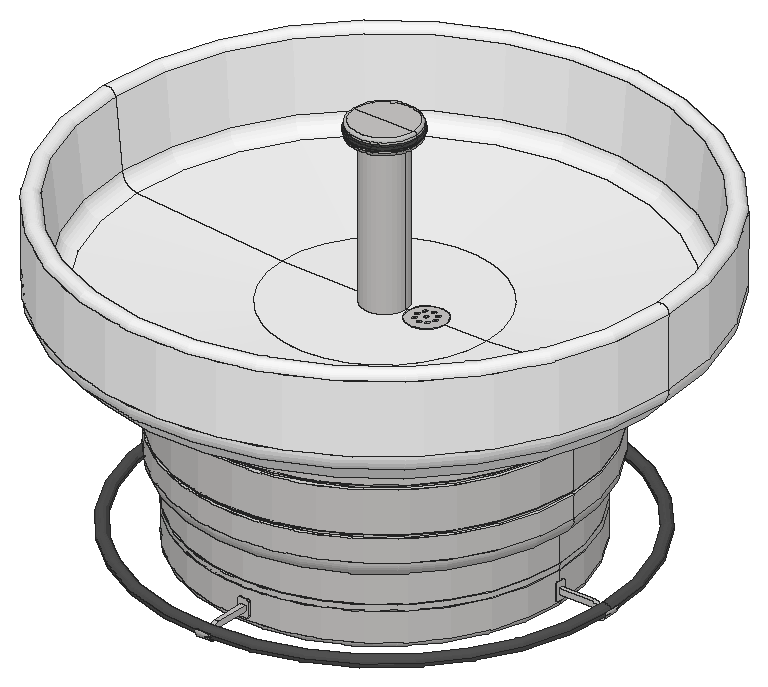
Revit family "Washfountain_Lavatory-Bradley_Corp-WF2608-Type_B_Drain", category Plumbing Fixtures, Revit 2012 (continued)
Lines and regions (in)
  symbolic lines, visible <- "Juvenile Height", detail levels fine
    curve 187: line (16.6163, 0, 7.8055) -> (-16.6163, 0, 7.8055)
    curve 188: line (16.6643, 0, 7.74185) -> (-16.6643, 0, 7.74185)
    curve 189: line (16.6643, 0, 7.24415) -> (-16.6643, 0, 7.24415)
    curve 190: line (16.6163, 0, 7.1805) -> (-16.6163, 0, 7.1805)
    curve 196: line (0, 16.66523, 7.74153) -> (0, -16.66523, 7.74153)
    curve 197: line (0, -16.61561, 7.8055) -> (0, 16.61699, 7.8055)
    curve 198: line (0, 16.66523, 7.24447) -> (0, -16.66523, 7.24447)
    curve 199: line (0, -16.61561, 7.1805) -> (0, 16.61699, 7.1805)
  symbolic lines, visible <- "Juvenile Height"
    curve 24: line (-16.6163, 0, 9.21405) -> (16.6163, 0, 9.21405)
    curve 52: line (0, 16.61699, 9.21405) -> (0, -16.61561, 9.21405)
  symbolic lines, visible <- "Standard Height", detail levels fine
    curve 25: line (-17.96214, 0, 14.62502) -> (17.96214, 0, 14.62502)
    curve 26: line (17.83714, 0, 14.50002) -> (-17.83714, 0, 14.50002)
    curve 27: line (-17.83714, 0, 14.37502) -> (17.83714, 0, 14.37502)
    curve 28: line (17.96214, 0, 14.25002) -> (-17.96214, 0, 14.25002)
    curve 30: line (-17.96214, 0, 10.43752) -> (17.96214, 0, 10.43752)
    curve 31: line (17.83714, 0, 10.31252) -> (-17.83714, 0, 10.31252)
    curve 32: line (-17.83714, 0, 10.18752) -> (17.83714, 0, 10.18752)
    curve 33: line (17.96214, 0, 10.06252) -> (-17.96214, 0, 10.06252)
    curve 36: line (-16.6163, 0, 3.8055) -> (16.6163, 0, 3.8055)
    curve 37: line (16.6643, 0, 3.74185) -> (-16.6643, 0, 3.74185)
    curve 39: line (-16.6163, 0, 3.1805) -> (16.6163, 0, 3.1805)
    curve 40: line (16.6643, 0, 3.24415) -> (-16.6643, 0, 3.24415)
    curve 53: line (0, 17.96307, 14.62502) -> (0, -17.96122, 14.62502)
    curve 54: line (0, -17.83622, 14.50002) -> (0, 17.83807, 14.50002)
    curve 55: line (0, 17.83807, 14.37502) -> (0, -17.83622, 14.37502)
    curve 56: line (0, -17.96122, 14.25002) -> (0, 17.96307, 14.25002)
    curve 57: line (0, 17.96307, 10.43752) -> (0, -17.96122, 10.43752)
    curve 58: line (0, -17.83622, 10.31252) -> (0, 17.83807, 10.31252)
    curve 59: line (0, 17.83807, 10.18752) -> (0, -17.83622, 10.18752)
    curve 60: line (0, -17.96122, 10.06252) -> (0, 17.96307, 10.06252)
    curve 62: line (0, 16.61723, 3.8055) -> (0, -16.61537, 3.8055)
    curve 63: line (0, 16.61723, 3.1805) -> (0, -16.61537, 3.1805)
    curve 64: line (0, -16.66337, 3.74185) -> (0, 16.66523, 3.74185)
    curve 66: line (0, -16.66337, 3.24415) -> (0, 16.66523, 3.24415)
  symbolic lines, visible <- "Standard Height", detail levels medium
    curve 29: line (-17.83714, 0, 14.43752) -> (17.83714, 0, 14.43752)
    curve 34: line (-17.83714, 0, 10.25002) -> (17.83714, 0, 10.25002)
    curve 38: line (-16.6643, 0, 3.493) -> (16.6643, 0, 3.493)
    curve 65: line (0, -16.66337, 3.493) -> (0, 16.66523, 3.493)
    curve 67: line (0, -17.83622, 10.25002) -> (0, 17.83807, 10.25002)
    curve 68: line (0, -17.83622, 14.43752) -> (0, 17.83807, 14.43752)
  symbolic lines, visible <- "Standard Height"
    curve 35: line (-16.6163, 0, 6.50796) -> (16.6163, 0, 6.50796)
    curve 61: line (0, 16.61723, 6.50796) -> (0, -16.61537, 6.50796)
  symbolic lines, detail levels coarse
    curve 41: line (0, 27, 20.75002) -> (0, -27, 20.75002)
  symbolic lines, visible <- "Soap Dispenser", detail levels medium+fine
    curve 69: line (-6.1566, 0, 43.125) -> (6.1566, 0, 43.125)
    curve 75: line (0, 6.1566, 43.125) -> (0, -6.1566, 43.125)
    curve 101: circle (0, 0, 44.125) r 4.17907 normal (0, 0, 1)
  symbolic lines, visible <- "Soap Dispenser", detail levels fine
    curve 70: line (-5.98301, 0, 42.48173) -> (5.98301, 0, 42.48173)
    curve 71: line (5.93039, 0, 41.23173) -> (-5.93039, 0, 41.23173)
    curve 72: line (-5.87777, 0, 39.98173) -> (5.87777, 0, 39.98173)
    curve 73: line (5.81, 0, 38.73173) -> (-5.81, 0, 38.73173)
    curve 74: line (-6.1566, 0, 43.75) -> (6.1566, 0, 43.75)
    curve 76: line (0, -5.98301, 42.48173) -> (0, 5.98301, 42.48173)
    curve 77: line (0, 5.93039, 41.23173) -> (0, -5.93039, 41.23173)
    curve 78: line (0, -5.87777, 39.98173) -> (0, 5.87777, 39.98173)
    curve 79: line (0, 5.81, 38.73173) -> (0, -5.81, 38.73173)
    curve 80: line (0, 6.1566, 43.75) -> (0, -6.1566, 43.75)
  symbolic lines, detail levels medium
    curve 81: line (-3.12875, 0, 35.18002) -> (-3.035, 0, 35.18002)
    curve 83: line (3.035, 0, 35.18002) -> (3.12875, 0, 35.18002)
    curve 84: line (3.12875, 0, 34.68002) -> (3.035, 0, 34.68002)
    curve 86: line (-3.035, 0, 34.68002) -> (-3.12875, 0, 34.68002)
    curve 88: line (0, 3.12875, 35.18002) -> (0, 3.035, 35.18002)
    curve 90: line (0, -3.035, 35.18002) -> (0, -3.12875, 35.18002)
    curve 91: line (0, -3.12875, 34.68002) -> (0, -3.035, 34.68002)
    curve 93: line (0, 3.035, 34.68002) -> (0, 3.12875, 34.68002)
  symbolic lines, detail levels medium+fine
    curve 82: line (-3.035, 0, 35.18002) -> (3.035, 0, 35.18002)
    curve 85: line (3.035, 0, 34.68002) -> (-3.035, 0, 34.68002)
    curve 89: line (0, 3.035, 35.18002) -> (0, -3.035, 35.18002)
    curve 92: line (0, -3.035, 34.68002) -> (0, 3.035, 34.68002)
    curve 103: circle (0, 0, 35.625) r 2 normal (0, 0, 1)
    curve 203: circle (4, 0, 29.25) r 1.25 normal (0, 0, 1)
    curve 204: circle (4, 0, 29.25) r 0.1842 normal (0, 0, 1)
    curve 205: circle (4, 0.87771, 29.25) r 0.1842 normal (0, 0, 1)
    curve 206: circle (4.62063, 0.62063, 29.25) r 0.1842 normal (0, 0, 1)
    curve 207: circle (4.87771, 0, 29.25) r 0.1842 normal (0, 0, 1)
    curve 208: circle (4.62063, -0.62063, 29.25) r 0.1842 normal (0, 0, 1)
    curve 209: circle (4, -0.87771, 29.25) r 0.1842 normal (0, 0, 1)
    curve 210: circle (3.37937, -0.62063, 29.25) r 0.1842 normal (0, 0, 1)
    curve 211: circle (3.12229, 0, 29.25) r 0.1842 normal (0, 0, 1)
    curve 212: circle (3.37937, 0.62063, 29.25) r 0.1842 normal (0, 0, 1)
    curve 214: circle (0, 0, 29.25) r 20.5 normal (0, 0, 1)
  symbolic lines
    curve 87: line (-2, 0, 34.23502) -> (2, 0, 34.23502)
    curve 94: line (0, 2, 34.23502) -> (0, -2, 34.23502)
    curve 202: circle (4, 0, 29.25) r 1.75 normal (0, 0, 1)
    curve 213: circle (0, 0, 29.25) r 25 normal (0, 0, 1)
  symbolic lines, visible <- "Sensor Module", detail levels fine
    curve 95: line (-4.49987, 0, 38.55959) -> (4.49987, 0, 38.55959)
    curve 98: line (0, 4.49987, 38.55959) -> (0, -4.49987, 38.55959)
  symbolic lines, visible <- "Sensor Module", detail levels medium
    curve 96: line (4.57537, 0, 37.11012) -> (-4.5755, 0, 37.11012)
    curve 99: line (0, -4.57537, 37.11012) -> (0, 4.57537, 37.11012)
  symbolic lines, visible <- "Sensor Module"
    curve 97: line (-2, 0, 36.28462) -> (2, 0, 36.28462)
    curve 100: line (0, 2, 36.285) -> (0, -2, 36.285)
  symbolic lines, visible <- "Sensor Module", detail levels medium+fine
    curve 102: circle (0, 0, 39.125) r 2.10282 normal (0, 0, 1)
  model lines, visible <- "Towel Dispenser", detail levels fine
    curve 107: spline (-9.02676, 1.1394, 53.87502) -> (-8.93305, 0.9771, 56.91615) -> (-8.65832, 0.50125, 59.75002) -> (-8.22128, -0.25572, 62.18353) -> (-7.65173, -1.24223, 64.05082) -> (-6.98846, -2.39103, 65.22465) -> (-6.2767, -3.62385, 65.62502) -> (-5.56493, -4.85667, 65.22465) -> (-4.90166, -6.00548, 64.05082) -> (-4.33211, -6.99198, 62.18353) -> (-3.89507, -7.74895, 59.75002) -> (-3.62034, -8.2248, 56.91615) -> (-3.52663, -8.3871, 53.87502)
    curve 108: spline (3.527, -8.3872, 53.87502) -> (3.6207, -8.22489, 56.91615) -> (3.89542, -7.74903, 59.75002) -> (4.33244, -6.99205, 62.18353) -> (4.90197, -6.00554, 64.05082) -> (5.56521, -4.85671, 65.22465) -> (6.27694, -3.62387, 65.62502) -> (6.98868, -2.39103, 65.22465) -> (7.65191, -1.24221, 64.05082) -> (8.22144, -0.2557, 62.18353) -> (8.65846, 0.50129, 59.75002) -> (8.93318, 0.97714, 56.91615) -> (9.02688, 1.13945, 53.87502)
    curve 154: spline (4.50547, -6.69233, 56.47659) -> (4.48576, -6.72648, 56.51066) -> (4.46739, -6.7583, 56.61056) -> (4.45161, -6.78563, 56.76948) -> (4.43951, -6.80659, 56.97659) -> (4.4319, -6.81977, 57.21777) -> (4.4293, -6.82427, 57.47659) -> (4.4319, -6.81977, 57.7354) -> (4.43951, -6.80659, 57.97659) -> (4.45161, -6.78563, 58.18369) -> (4.46739, -6.7583, 58.34261) -> (4.48576, -6.72648, 58.44251) -> (4.50547, -6.69233, 58.47659) -> (4.52519, -6.65819, 58.44251) -> (4.54356, -6.62637, 58.34261) -> (4.55933, -6.59904, 58.18369) -> (4.57144, -6.57807, 57.97659) -> (4.57905, -6.56489, 57.7354) -> (4.58164, -6.5604, 57.47659) -> (4.57905, -6.56489, 57.21777) -> (4.57144, -6.57807, 56.97659) -> (4.55933, -6.59904, 56.76948) -> (4.54356, -6.62637, 56.61056) -> (4.52519, -6.65819, 56.51066) -> (4.50547, -6.69233, 56.47659)
    curve 155: spline (3.54323, 7.20696, 56.47659) -> (3.58266, 7.20696, 56.51066) -> (3.6194, 7.20696, 56.61056) -> (3.65095, 7.20696, 56.76948) -> (3.67516, 7.20696, 56.97659) -> (3.69038, 7.20696, 57.21777) -> (3.69557, 7.20696, 57.47659) -> (3.69038, 7.20696, 57.7354) -> (3.67516, 7.20696, 57.97659) -> (3.65095, 7.20696, 58.18369) -> (3.6194, 7.20696, 58.34261) -> (3.58266, 7.20696, 58.44251) -> (3.54323, 7.20696, 58.47659) -> (3.5038, 7.20696, 58.44251) -> (3.46706, 7.20696, 58.34261) -> (3.4355, 7.20696, 58.18369) -> (3.41129, 7.20696, 57.97659) -> (3.39607, 7.20696, 57.7354) -> (3.39088, 7.20696, 57.47659) -> (3.39607, 7.20696, 57.21777) -> (3.41129, 7.20696, 56.97659) -> (3.4355, 7.20696, 56.76948) -> (3.46706, 7.20696, 56.61056) -> (3.5038, 7.20696, 56.51066) -> (3.54323, 7.20696, 56.47659)
    curve 156: spline (-8.04824, -0.55544, 56.47659) -> (-8.06796, -0.52129, 56.51066) -> (-8.08633, -0.48947, 56.61056) -> (-8.10211, -0.46215, 56.76948) -> (-8.11421, -0.44118, 56.97659) -> (-8.12182, -0.428, 57.21777) -> (-8.12442, -0.42351, 57.47659) -> (-8.12182, -0.428, 57.7354) -> (-8.11421, -0.44118, 57.97659) -> (-8.10211, -0.46215, 58.18369) -> (-8.08633, -0.48947, 58.34261) -> (-8.06796, -0.52129, 58.44251) -> (-8.04824, -0.55544, 58.47659) -> (-8.02853, -0.58959, 58.44251) -> (-8.01016, -0.62141, 58.34261) -> (-7.99438, -0.64873, 58.18369) -> (-7.98228, -0.6697, 57.97659) -> (-7.97467, -0.68288, 57.7354) -> (-7.97207, -0.68737, 57.47659) -> (-7.97467, -0.68288, 57.21777) -> (-7.98228, -0.6697, 56.97659) -> (-7.99438, -0.64873, 56.76948) -> (-8.01016, -0.62141, 56.61056) -> (-8.02853, -0.58959, 56.51066) -> (-8.04824, -0.55544, 56.47659)
    curve 157: spline (5.50026, 7.20696, 53.87502) -> (5.31285, 7.20696, 56.91615) -> (4.76338, 7.20696, 59.75002) -> (3.88931, 7.20696, 62.18353) -> (2.75019, 7.20696, 64.05082) -> (1.42367, 7.20696, 65.22465) -> (0.00013, 7.20696, 65.62502) -> (-1.42341, 7.20696, 65.22465) -> (-2.74994, 7.20696, 64.05082) -> (-3.88905, 7.20696, 62.18353) -> (-4.76312, 7.20696, 59.75002) -> (-5.31259, 7.20696, 56.91615) -> (-5.5, 7.20696, 53.87502)
  symbolic lines, visible <- "Towel Dispenser", detail levels fine
    curve 110: spline (-9.02676, -27, 53.87502) -> (-8.93305, -27, 56.91615) -> (-8.65832, -27, 59.75002) -> (-8.22128, -27, 62.18353) -> (-7.65173, -27, 64.05082) -> (-6.98846, -27, 65.22465) -> (-6.2767, -27, 65.62502) -> (-5.56493, -27, 65.22465) -> (-4.90166, -27, 64.05082) -> (-4.33211, -27, 62.18353) -> (-3.89507, -27, 59.75002) -> (-3.62034, -27, 56.91615) -> (-3.52663, -27, 53.87502)
    curve 111: spline (3.527, -27, 53.87502) -> (3.6207, -27, 56.91615) -> (3.89542, -27, 59.75002) -> (4.33244, -27, 62.18353) -> (4.90197, -27, 64.05082) -> (5.56521, -27, 65.22465) -> (6.27694, -27, 65.62502) -> (6.98868, -27, 65.22465) -> (7.65191, -27, 64.05082) -> (8.22144, -27, 62.18353) -> (8.65846, -27, 59.75002) -> (8.93318, -27, 56.91615) -> (9.02688, -27, 53.87502)
    curve 141: spline (5.50026, 27, 53.87502) -> (5.31285, 27, 56.91615) -> (4.76338, 27, 59.75002) -> (3.88931, 27, 62.18353) -> (2.75019, 27, 64.05082) -> (1.42367, 27, 65.22465) -> (0.00013, 27, 65.62502) -> (-1.42341, 27, 65.22465) -> (-2.74994, 27, 64.05082) -> (-3.88905, 27, 62.18353) -> (-4.76312, 27, 59.75002) -> (-5.31259, 27, 56.91615) -> (-5.5, 27, 53.87502)
    curve 149: spline (0, 1.1394, 53.87502) -> (0, 0.9771, 56.91615) -> (0, 0.50125, 59.75002) -> (0, -0.25572, 62.18353) -> (0, -1.24223, 64.05082) -> (0, -2.39103, 65.22465) -> (0, -3.62385, 65.62502) -> (0, -4.85667, 65.22465) -> (0, -6.00548, 64.05082) -> (0, -6.99198, 62.18353) -> (0, -7.74895, 59.75002) -> (0, -8.2248, 56.91615) -> (0, -8.3871, 53.87502)
    curve 158: spline (-8.04824, -27, 56.47659) -> (-8.06796, -27, 56.51066) -> (-8.08633, -27, 56.61056) -> (-8.10211, -27, 56.76948) -> (-8.11421, -27, 56.97659) -> (-8.12182, -27, 57.21777) -> (-8.12442, -27, 57.47659) -> (-8.12182, -27, 57.7354) -> (-8.11421, -27, 57.97659) -> (-8.10211, -27, 58.18369) -> (-8.08633, -27, 58.34261) -> (-8.06796, -27, 58.44251) -> (-8.04824, -27, 58.47659) -> (-8.02853, -27, 58.44251) -> (-8.01016, -27, 58.34261) -> (-7.99438, -27, 58.18369) -> (-7.98228, -27, 57.97659) -> (-7.97467, -27, 57.7354) -> (-7.97207, -27, 57.47659) -> (-7.97467, -27, 57.21777) -> (-7.98228, -27, 56.97659) -> (-7.99438, -27, 56.76948) -> (-8.01016, -27, 56.61056) -> (-8.02853, -27, 56.51066) -> (-8.04824, -27, 56.47659)
    curve 159: spline (4.50547, -27, 56.47659) -> (4.48576, -27, 56.51066) -> (4.46739, -27, 56.61056) -> (4.45161, -27, 56.76948) -> (4.43951, -27, 56.97659) -> (4.4319, -27, 57.21777) -> (4.4293, -27, 57.47659) -> (4.4319, -27, 57.7354) -> (4.43951, -27, 57.97659) -> (4.45161, -27, 58.18369) -> (4.46739, -27, 58.34261) -> (4.48576, -27, 58.44251) -> (4.50547, -27, 58.47659) -> (4.52519, -27, 58.44251) -> (4.54356, -27, 58.34261) -> (4.55933, -27, 58.18369) -> (4.57144, -27, 57.97659) -> (4.57905, -27, 57.7354) -> (4.58164, -27, 57.47659) -> (4.57905, -27, 57.21777) -> (4.57144, -27, 56.97659) -> (4.55933, -27, 56.76948) -> (4.54356, -27, 56.61056) -> (4.52519, -27, 56.51066) -> (4.50547, -27, 56.47659)
    curve 160: spline (3.54323, 27, 56.47659) -> (3.58266, 27, 56.51066) -> (3.6194, 27, 56.61056) -> (3.65095, 27, 56.76948) -> (3.67516, 27, 56.97659) -> (3.69038, 27, 57.21777) -> (3.69557, 27, 57.47659) -> (3.69038, 27, 57.7354) -> (3.67516, 27, 57.97659) -> (3.65095, 27, 58.18369) -> (3.6194, 27, 58.34261) -> (3.58266, 27, 58.44251) -> (3.54323, 27, 58.47659) -> (3.5038, 27, 58.44251) -> (3.46706, 27, 58.34261) -> (3.4355, 27, 58.18369) -> (3.41129, 27, 57.97659) -> (3.39607, 27, 57.7354) -> (3.39088, 27, 57.47659) -> (3.39607, 27, 57.21777) -> (3.41129, 27, 56.97659) -> (3.4355, 27, 56.76948) -> (3.46706, 27, 56.61056) -> (3.5038, 27, 56.51066) -> (3.54323, 27, 56.47659)
    curve 194: spline (0, -0.55544, 56.47659) -> (0, -0.52129, 56.51066) -> (0, -0.48947, 56.61056) -> (0, -0.46215, 56.76948) -> (0, -0.44118, 56.97659) -> (0, -0.428, 57.21777) -> (0, -0.42351, 57.47659) -> (0, -0.428, 57.7354) -> (0, -0.44118, 57.97659) -> (0, -0.46215, 58.18369) -> (0, -0.48947, 58.34261) -> (0, -0.52129, 58.44251) -> (0, -0.55544, 58.47659) -> (0, -0.58959, 58.44251) -> (0, -0.62141, 58.34261) -> (0, -0.64873, 58.18369) -> (0, -0.6697, 57.97659) -> (0, -0.68288, 57.7354) -> (0, -0.68737, 57.47659) -> (0, -0.68288, 57.21777) -> (0, -0.6697, 56.97659) -> (0, -0.64873, 56.76948) -> (0, -0.62141, 56.61056) -> (0, -0.58959, 56.51066) -> (0, -0.55544, 56.47659)
  symbolic lines, visible <- "Towel Dispenser"
    curve 112: line (-0.06253, -27, 67.813) -> (-3.52663, -27, 67.12567)
    curve 113: line (3.527, -27, 67.12567) -> (0.06285, -27, 67.813)
    curve 114: line (-9.02676, -27, 67.12567) -> (-3.52663, -27, 67.12567)
    curve 115: line (-3.52663, -27, 67.12567) -> (-3.52663, -27, 53.87502)
    curve 116: line (3.527, -27, 53.87502) -> (3.527, -27, 67.12567)
    curve 117: line (0.06285, -27, 67.813) -> (0.06285, -27, 52.5)
    curve 118: line (-0.06253, -27, 52.5) -> (-0.06253, -27, 67.813)
    curve 119: line (-3.52663, -27, 53.87502) -> (-1.57807, -27, 52.5)
    curve 120: line (1.57842, -27, 52.5) -> (3.527, -27, 53.87502)
    curve 121: line (-9.02676, -27, 53.87502) -> (-3.52663, -27, 53.87502)
    curve 122: line (3.527, -27, 53.87502) -> (9.02688, -27, 53.87502)
    curve 131: line (3.527, -27, 67.12567) -> (9.02688, -27, 67.12567)
    curve 133: line (-5.5, 27, 67.813) -> (-5.5, 27, 52.5)
    curve 134: line (5.50026, 27, 52.5) -> (5.50026, 27, 67.813)
    curve 135: line (5.50026, 27, 67.12567) -> (-5.5, 27, 67.12567)
    curve 136: line (5.50026, 27, 53.87502) -> (-5.5, 27, 53.87502)
    curve 142: line (0, 3.20696, 67.813) -> (0, 3.20696, 52.5)
    curve 143: line (0, 3.1394, 67.813) -> (0, 3.1394, 52.5)
    curve 144: line (0, 1.1394, 67.12567) -> (0, 3.1394, 67.813)
    curve 145: line (0, 1.1394, 53.87502) -> (0, 1.1394, 67.12567)
    curve 146: line (0, 1.1394, 67.12567) -> (0, -8.3871, 67.12567)
    curve 147: line (0, 2.2644, 52.5) -> (0, 1.1394, 53.87502)
    curve 148: line (0, 1.1394, 53.87502) -> (0, -8.3871, 53.87502)
    curve 192: line (-2, -27, 52.5) -> (2, -27, 52.5)
    curve 193: line (-2, -27, 67.813) -> (2, -27, 67.813)
    curve 195: line (0, 2, 67.813) -> (0, -2, 67.813)
    curve 218: line (-5.56259, 3.13929, 52.5) -> (-0.06259, -6.38699, 52.5)
    curve 219: line (0.06279, -6.3871, 52.5) -> (5.56279, 3.13918, 52.5)
    curve 220: line (5.50026, 3.20696, 52.5) -> (-5.5, 3.20696, 52.5)
    curve 221: line (-5.5, 3.20696, 52.5) -> (-5.56259, 3.13929, 52.5)
    curve 222: line (5.56279, 3.13918, 52.5) -> (5.50026, 3.20696, 52.5)
  symbolic lines, visible <- "Towel Dispenser", detail levels medium+fine
    curve 123: line (-3.85657, -27, 53.5786) -> (-7.8567, -27, 53.5786)
    curve 124: spline (-7.8567, -27, 53.5786) -> (-7.93487, -27, 53.56528) -> (-7.96995, -27, 53.52621) -> (-7.95954, -27, 53.46406) -> (-7.90435, -27, 53.38306) -> (-7.80815, -27, 53.28873) -> (-7.67748, -27, 53.18751) -> (-7.52126, -27, 53.08629) -> (-7.35013, -27, 52.99197) -> (-7.17575, -27, 52.91097) -> (-7.01001, -27, 52.84882) -> (-6.8642, -27, 52.80975) -> (-6.74826, -27, 52.79642)
    curve 125: line (-6.74826, -27, 52.79642) -> (-2.74813, -27, 52.79642)
    curve 126: spline (-2.74813, -27, 52.79642) -> (-2.66996, -27, 52.80975) -> (-2.63488, -27, 52.84882) -> (-2.64529, -27, 52.91097) -> (-2.70048, -27, 52.99197) -> (-2.79669, -27, 53.08629) -> (-2.92735, -27, 53.18751) -> (-3.08357, -27, 53.28873) -> (-3.2547, -27, 53.38306) -> (-3.42908, -27, 53.46406) -> (-3.59482, -27, 53.52621) -> (-3.74063, -27, 53.56528) -> (-3.85657, -27, 53.5786)
    curve 127: line (7.8569, -27, 53.57864) -> (3.85695, -27, 53.57864)
    curve 128: spline (3.85695, -27, 53.57864) -> (3.74101, -27, 53.56531) -> (3.59521, -27, 53.52624) -> (3.42947, -27, 53.46409) -> (3.25509, -27, 53.38309) -> (3.08396, -27, 53.28877) -> (2.92774, -27, 53.18755) -> (2.79707, -27, 53.08632) -> (2.70086, -27, 52.992) -> (2.64567, -27, 52.911) -> (2.63526, -27, 52.84885) -> (2.67033, -27, 52.80978) -> (2.7485, -27, 52.79645)
    curve 129: line (2.7485, -27, 52.79645) -> (6.74844, -27, 52.79645)
    curve 130: spline (6.74844, -27, 52.79645) -> (6.86438, -27, 52.80978) -> (7.01019, -27, 52.84885) -> (7.17593, -27, 52.911) -> (7.3503, -27, 52.992) -> (7.52143, -27, 53.08632) -> (7.67766, -27, 53.18755) -> (7.80832, -27, 53.28877) -> (7.90453, -27, 53.38309) -> (7.95972, -27, 53.46409) -> (7.97014, -27, 53.52624) -> (7.93507, -27, 53.56531) -> (7.8569, -27, 53.57864)
    curve 137: line (-4, 27, 53.5786) -> (4.00026, 27, 53.5786)
    curve 138: spline (4.00026, 27, 53.5786) -> (4.19437, 27, 53.56528) -> (4.37526, 27, 53.52621) -> (4.53059, 27, 53.46406) -> (4.64978, 27, 53.38306) -> (4.7247, 27, 53.28873) -> (4.75026, 27, 53.18751) -> (4.7247, 27, 53.08629) -> (4.64978, 27, 52.99197) -> (4.53059, 27, 52.91097) -> (4.37526, 27, 52.84882) -> (4.19437, 27, 52.80975) -> (4.00026, 27, 52.79642)
    curve 139: line (4.00026, 27, 52.79642) -> (-4, 27, 52.79642)
    curve 140: spline (-4, 27, 52.79642) -> (-4.19411, 27, 52.80975) -> (-4.375, 27, 52.84882) -> (-4.53033, 27, 52.91097) -> (-4.64952, 27, 52.99197) -> (-4.72444, 27, 53.08629) -> (-4.75, 27, 53.18751) -> (-4.72444, 27, 53.28873) -> (-4.64952, 27, 53.38306) -> (-4.53033, 27, 53.46406) -> (-4.375, 27, 53.52621) -> (-4.19411, 27, 53.56528) -> (-4, 27, 53.5786)
    curve 150: line (0, -6.84554, 53.5786) -> (0, 0.08288, 53.5786)
    curve 151: spline (0, 0.08288, 53.5786) -> (0, 0.26189, 53.56528) -> (0, 0.45051, 53.52621) -> (0, 0.63588, 53.46406) -> (0, 0.80537, 53.38306) -> (0, 0.94743, 53.28873) -> (0, 1.05238, 53.18751) -> (0, 1.11307, 53.08629) -> (0, 1.12535, 52.99197) -> (0, 1.0884, 52.91097) -> (0, 1.00473, 52.84882) -> (0, 0.88005, 52.80975) -> (0, 0.72284, 52.79642)
    curve 152: line (0, 0.72284, 52.79642) -> (0, -6.20559, 52.79642)
    curve 153: spline (0, -6.20559, 52.79642) -> (0, -6.3846, 52.80975) -> (0, -6.57321, 52.84882) -> (0, -6.75859, 52.91097) -> (0, -6.92808, 52.99197) -> (0, -7.07014, 53.08629) -> (0, -7.17508, 53.18751) -> (0, -7.23577, 53.28873) -> (0, -7.24806, 53.38306) -> (0, -7.2111, 53.46406) -> (0, -7.12744, 53.52621) -> (0, -7.00275, 53.56528) -> (0, -6.84554, 53.5786)
    curve 215: line (-7.0782, 2.2644, 52.5) -> (-1.57807, -7.2621, 52.5)
    curve 216: line (1.57842, -7.26225, 52.5) -> (7.07842, 2.26403, 52.5)
    curve 217: line (5.50026, 4.95696, 52.5) -> (-5.5, 4.95696, 52.5)
  model lines, not visible
    curve 161: circle (0, 0, 0) r 21 normal (0, 0, 1)
  sketch lines
    curve 162: circle (0, 0, 0) r 21 normal (0, 0, 1)
  symbolic lines, visible <- "Foot Control Valve", detail levels fine
    curve 163: line (-0.67, 0, 0.925) -> (-0.67, 0, 1.61691)
    curve 164: line (-0.67, 0, 1.61691) -> (0.67, 0, 1.61691)
    curve 165: line (0.67, 0, 1.61691) -> (0.67, 0, 0.925)
    curve 166: line (-0.46567, 0, 0.825) -> (0.46567, 0, 0.825)
    curve 167: line (-0.50501, 0, 1.925) -> (0.50501, 0, 1.925)
    curve 168: arc (-20.98857, 0, 0.925) -> (-21.39304, 0, 1.11581) -> (-21.48307, 0, 1.55388) r 0.5
    curve 169: arc (-20.99912, 0, 0.82487) -> (-20.82626, 0, 0.85057) -> (-20.66814, 0, 0.925) r 0.6
    curve 170: line (-20.30228, 0, 0.925) -> (-20.98857, 0, 0.925)
    curve 171: arc (21.48307, 0, 1.55388) -> (21.39304, 0, 1.11581) -> (20.98857, 0, 0.925) r 0.5
    curve 172: arc (20.66814, 0, 0.925) -> (20.82626, 0, 0.85057) -> (20.99912, 0, 0.82487) r 0.6
    curve 173: line (20.30228, 0, 0.925) -> (20.98857, 0, 0.925)
    curve 174: arc (0, 21.48307, 1.55401) -> (0, 20.6919, 1.03121) -> (0, 21.009, 1.92492) r 0.5
    curve 175: arc (0, 20.51154, 1.53179) -> (0, 20.47337, 1.59132) -> (0, 20.41385, 1.55315) r 0.05
    curve 176: arc (0, 20.41385, 1.55315) -> (0, 20.5328, 1.04853) -> (0, 21.00059, 0.825) r 0.6
    curve 177: line (0, 20.30377, 0.92644) -> (0, 20.66618, 0.92644)
    curve 178: arc (0, -21.00467, 1.92498) -> (0, -20.69361, 1.02988) -> (0, -21.48307, 1.55401) r 0.5
    curve 179: arc (0, -20.41385, 1.55315) -> (0, -20.47337, 1.59132) -> (0, -20.51154, 1.53179) r 0.05
    curve 180: arc (0, -20.98882, 0.8251) -> (0, -20.52913, 1.05313) -> (0, -20.41385, 1.55315) r 0.6
    curve 181: line (0, -20.30078, 0.92644) -> (0, -20.66618, 0.92644)
    curve 182: line (0, -0.67, 1.61678) -> (0, -0.67, 0.82487)
    curve 183: line (0, 0.67, 1.61678) -> (0, -0.67, 1.61678)
    curve 184: line (0, 0.67, 0.82487) -> (0, 0.67, 1.61678)
    curve 185: line (0, 0.50501, 1.92487) -> (0, -0.50501, 1.92487)
    curve 186: line (0, 0.46567, 0.82487) -> (0, -0.46567, 0.82487)
  model lines, detail levels medium+fine
    curve 201: circle (4, 0, 20.20024) r 1.25 normal (0, 0, 1)
    curve 223: circle (4, 0, 20.25) r 1.25 normal (0, 0, 1)
Dimensions and locks (in)
  equal spacing: plane 4 "Left", plane 3 "Center (Left/Right)", plane 5 "Right"
  "Width": plane 4 "Left" to plane 5 "Right"
  equal spacing: plane 7 "Back", plane 1 "Center (Front/Back)", plane 6 "Front"
  "Width": plane 7 "Back" to plane 6 "Front"
  "Towel Dispenser Height": plane 8 "Towel Dispenser" to plane 2
  "Soap Dispenser Height": plane 9 "Soap Dispenser" to plane 2
  "Sensor Module Height": plane 10 "Sensor Module" to plane 2
  "Spray Head Height": plane 11 "Spray Head" to plane 2
  "Rim Height": plane 12 "Rim Height" to plane 2
  "Pedestal Height": plane 13 "Pedestal Height" to plane 2
  locked: plane 11 "Spray Head" to Revolve 7 sketch curve at 1.38998
  locked: plane 9 "Soap Dispenser" to Revolve 9 sketch curve at 6
  locked: plane 9 "Soap Dispenser" to Masking region 13 sketch curve at 6
  locked: plane 9 "Soap Dispenser" to Masking region 14 sketch curve at 6
  locked: plane 10 "Sensor Module" to Revolve 11 sketch curve at 2.84038
  locked: plane 10 "Sensor Module" to Revolve 12 sketch curve at 2.84
  locked: plane 10 "Sensor Module" to Masking region 21 sketch curve at 2.84038
  locked: plane 10 "Sensor Module" to Masking region 21 sketch curve at 2.84
  locked: plane 10 "Sensor Module" to Masking region 22 sketch curve at 2.84038  (x2)
  locked: plane 10 "Sensor Module" to Masking region 23 sketch curve at 2.84038
  locked: plane 10 "Sensor Module" to Masking region 23 sketch curve at 2.84
  locked: plane 10 "Sensor Module" to Masking region 24 sketch curve at 2.84038  (x2)
  locked: Extrusion 13 sketch curve to curve 106 at 4
  locked: curve 106 to Extrusion 13 sketch curve at 15.16279
  locked: curve 106 to Extrusion 13 sketch curve at 15.313
  locked: Extrusion 14 sketch curve to curve 104 at 4
  locked: curve 104 to Extrusion 14 sketch curve at 15.313
  locked: curve 104 to Extrusion 14 sketch curve at 15.16279
  locked: Extrusion 15 sketch curve to curve 105 at 15.313
  locked: Extrusion 15 sketch curve to curve 105 at 14.62567
  locked: Extrusion 16 to Extrusion 14 at 1
  locked: plane 9 "Soap Dispenser" to plane 14 at 6
  "Soap Dispenser Holder": plane 14 to Masking region 32
  "Soap Dispenser Holder": Masking region 33 to plane 14
  "Soap Dispenser Holder": plane 14 to Extrusion 17
  "Towel Dispenser Holder": plane 8 "Towel Dispenser" to Extrusion 16
  "Towel Dispenser Holder": plane 8 "Towel Dispenser" to Masking region 30 sketch curve
  "Towel Dispenser Holder": plane 8 "Towel Dispenser" to Masking region 38
  locked: Extrusion 31 to plane 2 at 3
  "Supply Height": Extrusion 32 to plane 2
  locked: Extrusion 31 sketch curve to plane 3 "Center (Left/Right)" at 4
  locked: plane 9 "Soap Dispenser" to Revolve 10 sketch curve at 1
  locked: plane 9 "Soap Dispenser" to Revolve 33 sketch curve at 1
  locked: plane 10 "Sensor Module" to Extrusion 34 sketch curve at 1.3649
  locked: plane 10 "Sensor Module" to Extrusion 36 sketch curve at 1.3649
  locked: plane 10 "Sensor Module" to Extrusion 35 sketch curve at 1.3649
  locked: plane 10 "Sensor Module" to Extrusion 37 sketch curve at 1.3649
  Extrusion 32 sketch curve to plane 3 "Center (Left/Right)" to Extrusion 32 sketch curve = 0.875" locked, 0.875" locked
  locked: plane 1 "Center (Front/Back)" to Extrusion 32 sketch curve at 1.25  (x2)
  "Drain Radius": radius of Extrusion 31 sketch curve
  "Vent Radius": radius of Extrusion 32 sketch curve
  "Hot Lavatory Inlet Radius": radius of Extrusion 32 sketch curve
  "Cold Lavatory Inlet Radius": radius of Extrusion 32 sketch curve
  aligned and locked: Revolve 1 sketch curve to plane 3 "Center (Left/Right)"
  aligned and locked: Revolve 2 sketch curve to plane 4 "Left"
  aligned and locked: Revolve 2 sketch curve to plane 13 "Pedestal Height"
  aligned and locked: plane 3 "Center (Left/Right)" to Revolve 2 sketch curve
  aligned and locked: Revolve 2 sketch curve to plane 3 "Center (Left/Right)"
  aligned and locked: Revolve 3 sketch curve to plane 3 "Center (Left/Right)"  (x2)
  aligned and locked: Revolve 4 sketch curve to plane 3 "Center (Left/Right)"
  aligned and locked: Revolve 5 sketch curve to plane 3 "Center (Left/Right)"
  aligned and locked: Revolve 6 sketch curve to plane 3 "Center (Left/Right)"
  aligned and locked: Revolve 7 sketch curve to plane 3 "Center (Left/Right)"
  aligned and locked: Revolve 8 sketch curve to plane 3 "Center (Left/Right)"
  aligned and locked: Revolve 9 sketch curve to plane 3 "Center (Left/Right)"
  aligned and locked: Revolve 10 sketch curve to plane 3 "Center (Left/Right)"
  aligned and locked: plane 12 "Rim Height" to Masking region 17 sketch curve
  aligned and locked: Masking region 18 sketch curve to plane 12 "Rim Height"
  aligned and locked: Masking region 19 sketch curve to plane 12 "Rim Height"
  aligned and locked: plane 12 "Rim Height" to Masking region 20 sketch curve
  aligned and locked: Revolve 11 sketch curve to plane 3 "Center (Left/Right)"
  aligned and locked: Revolve 12 sketch curve to plane 3 "Center (Left/Right)"
  aligned and locked: Revolve 11 sketch curve to plane 11 "Spray Head"
  aligned and locked: Revolve 12 sketch curve to plane 11 "Spray Head"
  aligned and locked: plane 11 "Spray Head" to Masking region 21 sketch curve
  aligned and locked: Masking region 22 sketch curve to plane 11 "Spray Head"
  aligned and locked: plane 11 "Spray Head" to Masking region 23 sketch curve
  aligned and locked: Masking region 24 sketch curve to plane 11 "Spray Head"
  aligned and locked: plane 14 to Masking region 32 sketch curve
  aligned and locked: plane 14 to Masking region 33 sketch curve
  aligned and locked: Extrusion 17 to plane 14
  aligned and locked: Masking region 38 sketch curve to plane 8 "Towel Dispenser"
  aligned and locked: plane 12 "Rim Height" to Extrusion 29
  aligned and locked: Extrusion 29 to plane 13 "Pedestal Height"
  aligned and locked: plane 3 "Center (Left/Right)" to Masking region 25 sketch curve
  aligned and locked: plane 1 "Center (Front/Back)" to Masking region 25 sketch curve
  aligned and locked: plane 1 "Center (Front/Back)" to Extrusion 31 sketch curve
  aligned and locked: Extrusion 31 to plane 2
  aligned and locked: Revolve 8 to plane 13 "Pedestal Height"
  aligned and locked: Revolve 7 to plane 13 "Pedestal Height"
  aligned and locked: Extrusion 32 to plane 2
  aligned and locked: plane 3 "Center (Left/Right)" to Extrusion 32 sketch curve
  aligned and locked: plane 1 "Center (Front/Back)" to Extrusion 32 sketch curve
  aligned and locked: plane 14 to Revolve 10 sketch curve
  aligned and locked: Revolve 33 sketch curve to plane 3 "Center (Left/Right)"
  aligned and locked: Revolve 33 sketch curve to plane 9 "Soap Dispenser"
  aligned and locked: plane 3 "Center (Left/Right)" to Extrusion 34 sketch curve
  aligned and locked: plane 3 "Center (Left/Right)" to Extrusion 36 sketch curve
  aligned and locked: plane 3 "Center (Left/Right)" to Extrusion 35 sketch curve
  aligned and locked: plane 3 "Center (Left/Right)" to Extrusion 37 sketch curve
  aligned and locked: Masking region 23 to Extrusion 35
  aligned and locked: Extrusion 34 to Masking region 23
  aligned and locked: Masking region 23 to Extrusion 37
  aligned and locked: Extrusion 37 to Masking region 24
  aligned and locked: Extrusion 36 to Masking region 24
  aligned and locked: Masking region 23 to Extrusion 36
  aligned and locked: Masking region 39 sketch curve to Extrusion 35
  aligned and locked: Masking region 39 sketch curve to curve 99  (x2)
  aligned and locked: Masking region 39 sketch curve to Extrusion 34
  aligned and locked: Extrusion 37 to Masking region 40 sketch curve
  aligned and locked: Masking region 40 sketch curve to Extrusion 37
  aligned and locked: Extrusion 36 to Masking region 40 sketch curve
  aligned and locked: Masking region 40 sketch curve to Extrusion 36
  aligned and locked: Masking region 2 sketch curve to plane 13 "Pedestal Height"
  aligned and locked: Masking region 8 sketch curve to plane 13 "Pedestal Height"
  aligned and locked: Masking region 7 sketch curve to plane 13 "Pedestal Height"
  aligned and locked: cut or joined group of Revolve 2, Extrusion 29 to Extrusion 30
Automatic sketch dimensions
  curve 1 to plane 1 "Center (Front/Back)" = 0.000"
  curve 2 to plane 3 "Center (Left/Right)" = 0.000"
  plane 3 "Center (Left/Right)" to curve 1 = 3.000"
  curve 1 to plane 3 "Center (Left/Right)" = 3.000"
  curve 2 to plane 1 "Center (Front/Back)" = 3.000"
  plane 1 "Center (Front/Back)" to curve 2 = 3.000"
  curve 3 to plane 1 "Center (Front/Back)" = 0.000"
  curve 4 to plane 3 "Center (Left/Right)" = 0.000"
  plane 3 "Center (Left/Right)" to curve 3 = 3.000"
  curve 3 to plane 3 "Center (Left/Right)" = 3.000"
  curve 4 to plane 1 "Center (Front/Back)" = 3.000"
  plane 1 "Center (Front/Back)" to curve 4 = 3.000"
  curve 5 to plane 1 "Center (Front/Back)" = 0.000"
  curve 6 to plane 3 "Center (Left/Right)" = 0.000"
  plane 3 "Center (Left/Right)" to curve 5 = 3.000"
  curve 5 to plane 3 "Center (Left/Right)" = 3.000"
  curve 6 to plane 1 "Center (Front/Back)" = 3.000"
  plane 1 "Center (Front/Back)" to curve 6 = 3.000"
  curve 7 to plane 1 "Center (Front/Back)" = 0.000"
  curve 8 to plane 3 "Center (Left/Right)" = 0.000"
  plane 3 "Center (Left/Right)" to curve 7 = 3.000"
  curve 7 to plane 3 "Center (Left/Right)" = 3.000"
  curve 8 to plane 1 "Center (Front/Back)" = 3.000"
  plane 1 "Center (Front/Back)" to curve 8 = 3.000"
  curve 12 to plane 1 "Center (Front/Back)" = 0.000"
  curve 11 to plane 3 "Center (Left/Right)" = 0.000"
  plane 3 "Center (Left/Right)" to curve 12 = 3.000"
  curve 12 to plane 3 "Center (Left/Right)" = 3.000"
  curve 11 to plane 1 "Center (Front/Back)" = 3.000"
  plane 1 "Center (Front/Back)" to curve 11 = 3.000"
  Revolve 3 sketch curve to curve 12 = 13.1163"
  Revolve 3 sketch curve to Revolve 3 sketch curve = 0.34584"
  Revolve 3 sketch curve to Revolve 3 sketch curve = 0.15416"
  Revolve 3 sketch curve to Revolve 3 sketch curve = 0.500"
  Revolve 3 sketch curve to Revolve 3 sketch curve = 0.048"
  curve 12 to Revolve 3 sketch curve = 4.49998"
  Revolve 3 sketch curve to Revolve 3 sketch curve = 1.375"  (x2)
  Revolve 3 sketch curve to Revolve 3 sketch curve = 0.125"  (x9)
  Revolve 3 sketch curve to curve 12 = 0.00002"
  Revolve 3 sketch curve to Revolve 3 sketch curve = 3.8125"
  Revolve 3 sketch curve to Revolve 3 sketch curve = 2.0625"
  Revolve 3 sketch curve to Revolve 3 sketch curve = 2.70246"
  Revolve 3 sketch curve to Revolve 3 sketch curve = 0.06365"  (x2)
  Revolve 3 sketch curve to Revolve 3 sketch curve = 0.4977"
  Revolve 3 sketch curve to Revolve 3 sketch curve = 2.6805"
  Revolve 3 sketch curve to curve 12 = 24.99998"
  curve 12 to Revolve 3 sketch curve = 6.00002"
  Revolve 4 sketch curve to curve 12 = 0.000"
  curve 12 to Revolve 4 sketch curve = 3.000"
  Revolve 4 sketch curve to curve 12 = 13.6163"
  Revolve 4 sketch curve to Revolve 4 sketch curve = 1.34584"
  curve 12 to Revolve 4 sketch curve = 12.49204"
  Revolve 4 sketch curve to Revolve 4 sketch curve = 6.50796"
  Revolve 4 sketch curve to curve 12 = 24.70153"
  curve 12 to Revolve 4 sketch curve = 5.29847"
  Revolve 6 sketch curve to Revolve 6 sketch curve = 0.000"
  Revolve 6 sketch curve to curve 12 = 13.6163"
  Revolve 6 sketch curve to curve 12 = 0.00002"
  Revolve 6 sketch curve to Revolve 6 sketch curve = 1.34584"
  curve 12 to Revolve 6 sketch curve = 9.78595"
  Revolve 6 sketch curve to curve 12 = 15.000"
  Revolve 6 sketch curve to Revolve 6 sketch curve = 2.02198"
  curve 12 to Revolve 6 sketch curve = 5.97802"
  Revolve 9 sketch curve to curve 7 = 0.000"
  Revolve 9 sketch curve to Revolve 9 sketch curve = 0.000"
  Revolve 9 sketch curve to curve 7 = 0.84002"
  Revolve 9 sketch curve to curve 7 = 1.17907"
  Revolve 9 sketch curve to Revolve 9 sketch curve = 1.96998"
  Revolve 9 sketch curve to Revolve 9 sketch curve = 0.06777"
  Revolve 9 sketch curve to Revolve 9 sketch curve = 0.05262"  (x2)
  Revolve 9 sketch curve to Revolve 9 sketch curve = 0.03075"
  curve 7 to Revolve 9 sketch curve = 0.375"
  Revolve 9 sketch curve to Revolve 9 sketch curve = 0.14284"
  Revolve 9 sketch curve to curve 7 = 10.32479"
  Revolve 9 sketch curve to Revolve 9 sketch curve = 0.60673"
  Revolve 9 sketch curve to Revolve 9 sketch curve = 1.250"  (x3)
  Revolve 9 sketch curve to Revolve 9 sketch curve = 0.625"
  Revolve 9 sketch curve to curve 7 = 2.42521"
  Revolve 10 sketch curve to Revolve 10 sketch curve = 0.000"
  Revolve 10 sketch curve to curve 7 = 2.810"
  Revolve 10 sketch curve to curve 7 = 3.1566"
  Revolve 10 sketch curve to Revolve 10 sketch curve = 1.2391"
  Revolve 10 sketch curve to curve 7 = 1.2609"
  Masking region 3 sketch curve to curve 12 = 0.000"
  Masking region 3 sketch curve to curve 12 = 14.96214"
  Masking region 3 sketch curve to Masking region 3 sketch curve = 1.34584"  (x2)
  curve 12 to Masking region 3 sketch curve = 13.6163"
  Masking region 3 sketch curve to Masking region 3 sketch curve = 12.49204"  (x2)
  Masking region 3 sketch curve to Masking region 3 sketch curve = 6.50796"
  Masking region 4 sketch curve to curve 12 = 0.00002"
  Masking region 4 sketch curve to curve 12 = 14.96214"
  Masking region 4 sketch curve to Masking region 4 sketch curve = 0.000"  (x3)
  curve 12 to Masking region 4 sketch curve = 4.74998"
  Masking region 4 sketch curve to Masking region 4 sketch curve = 0.125"  (x14)
  curve 12 to Masking region 4 sketch curve = 4.62498"  (x2)
  Masking region 4 sketch curve to Masking region 4 sketch curve = 1.29784"
  Masking region 4 sketch curve to Masking region 4 sketch curve = 0.048"  (x3)
  Masking region 4 sketch curve to Masking region 4 sketch curve = 0.15416"  (x2)
  Masking region 4 sketch curve to Masking region 4 sketch curve = 0.500"  (x2)
  curve 12 to Masking region 4 sketch curve = 13.1163"
  Masking region 4 sketch curve to Masking region 4 sketch curve = 0.34584"
  Masking region 4 sketch curve to Masking region 4 sketch curve = 1.375"
  Masking region 4 sketch curve to Masking region 4 sketch curve = 1.500"
  curve 12 to Masking region 4 sketch curve = 4.37498"
  Masking region 4 sketch curve to Masking region 4 sketch curve = 3.8125"  (x2)
  Masking region 4 sketch curve to Masking region 4 sketch curve = 2.0625"  (x2)
  Masking region 4 sketch curve to Masking region 4 sketch curve = 2.70246"  (x2)
  Masking region 4 sketch curve to Masking region 4 sketch curve = 0.06365"  (x4)
  Masking region 4 sketch curve to Masking region 4 sketch curve = 0.4977"  (x2)
  Masking region 4 sketch curve to Masking region 4 sketch curve = 2.6805"
  Masking region 5 sketch curve to curve 12 = 0.000"
  Masking region 5 sketch curve to curve 12 = 14.96214"
  Masking region 5 sketch curve to Masking region 5 sketch curve = 1.34584"  (x2)
  curve 12 to Masking region 5 sketch curve = 13.6163"
  curve 12 to Masking region 5 sketch curve = 9.78595"  (x2)
  Masking region 5 sketch curve to Masking region 5 sketch curve = 5.21405"
  curve 2 to curve 41 = 8.49998"
  curve 41 to curve 2 = 24.000"
  curve 2 to curve 41 = 24.000"
  Masking region 10 sketch curve to curve 11 = 0.00002"
  Masking region 10 sketch curve to curve 11 = 14.96307"
  Masking region 10 sketch curve to Masking region 10 sketch curve = 0.000"  (x3)
  curve 11 to Masking region 10 sketch curve = 4.74998"
  Masking region 10 sketch curve to Masking region 10 sketch curve = 0.125"  (x14)
  curve 11 to Masking region 10 sketch curve = 4.62498"  (x2)
  Masking region 10 sketch curve to Masking region 10 sketch curve = 1.29784"
  Masking region 10 sketch curve to Masking region 10 sketch curve = 0.048"  (x3)
  Masking region 10 sketch curve to Masking region 10 sketch curve = 1.500"  (x2)
  Masking region 10 sketch curve to Masking region 10 sketch curve = 0.500"  (x2)
  curve 11 to Masking region 10 sketch curve = 13.11537"
  Masking region 10 sketch curve to Masking region 10 sketch curve = 0.34584"
  Masking region 10 sketch curve to Masking region 10 sketch curve = 0.15416"
  Masking region 10 sketch curve to Masking region 10 sketch curve = 1.375"
  curve 11 to Masking region 10 sketch curve = 4.37498"
  Masking region 10 sketch curve to Masking region 10 sketch curve = 3.8125"  (x2)
  Masking region 10 sketch curve to Masking region 10 sketch curve = 2.0625"  (x2)
  Masking region 10 sketch curve to Masking region 10 sketch curve = 2.70246"  (x2)
  Masking region 10 sketch curve to Masking region 10 sketch curve = 0.06365"  (x4)
  Masking region 10 sketch curve to Masking region 10 sketch curve = 0.4977"  (x2)
  Masking region 10 sketch curve to Masking region 10 sketch curve = 2.6805"
  curve 3 to Revolve 7 sketch curve = 3.000"
  curve 3 to Revolve 7 sketch curve = 1.000"
  curve 3 to Revolve 7 sketch curve = 0.215"  (x2)
  Revolve 7 sketch curve to curve 3 = 0.00002"
  Revolve 7 sketch curve to curve 3 = 0.035"  (x2)
  Revolve 7 sketch curve to Revolve 7 sketch curve = 0.09375"
  Revolve 7 sketch curve to curve 3 = 6.7545"
  Revolve 7 sketch curve to curve 3 = 16.625"
  Revolve 7 sketch curve to curve 3 = 0.94498"
  Revolve 7 sketch curve to curve 3 = 0.53873"
  Revolve 7 sketch curve to Revolve 7 sketch curve = 1.24548"
  Revolve 8 sketch curve to curve 3 = 0.000"
  curve 3 to Revolve 8 sketch curve = 1.000"
  curve 3 to Revolve 8 sketch curve = 0.215"
  curve 3 to Revolve 8 sketch curve = 0.21498"
  Revolve 8 sketch curve to curve 3 = 0.12875"
  Revolve 8 sketch curve to Revolve 8 sketch curve = 2.000"
  Revolve 8 sketch curve to curve 3 = 0.44498"
  Revolve 8 sketch curve to curve 3 = 0.94498"
  Revolve 8 sketch curve to curve 3 = 1.38998"
  curve 3 to Revolve 8 sketch curve = 1.38998"
  Revolve 8 sketch curve to curve 3 = 16.625"
  Revolve 8 sketch curve to Revolve 8 sketch curve = 0.44599"
  Masking region 13 sketch curve to curve 7 = 0.000"
  Masking region 13 sketch curve to curve 7 = 3.22592"
  Masking region 13 sketch curve to curve 7 = 2.810"
  curve 7 to Masking region 13 sketch curve = 2.810"
  curve 7 to Masking region 13 sketch curve = 3.22592"
  Masking region 14 sketch curve to curve 7 = 0.000"
  curve 7 to Masking region 14 sketch curve = 1.000"
  Masking region 14 sketch curve to curve 7 = 3.1566"
  Masking region 14 sketch curve to Masking region 14 sketch curve = 0.14284"  (x2)
  Masking region 14 sketch curve to Masking region 14 sketch curve = 0.03075"  (x2)
  Masking region 14 sketch curve to Masking region 14 sketch curve = 0.05262"  (x4)
  Masking region 14 sketch curve to Masking region 14 sketch curve = 0.06777"  (x2)
  Masking region 14 sketch curve to curve 7 = 1.17907"
  Masking region 14 sketch curve to curve 7 = 0.84002"
  curve 7 to Masking region 14 sketch curve = 0.84002"
  curve 7 to Masking region 14 sketch curve = 1.17907"
  Masking region 14 sketch curve to Masking region 14 sketch curve = 1.96998"
  curve 7 to Masking region 14 sketch curve = 0.375"
  Masking region 14 sketch curve to curve 7 = 7.18965"
  Masking region 14 sketch curve to Masking region 14 sketch curve = 0.60673"  (x2)
  Masking region 14 sketch curve to Masking region 14 sketch curve = 1.250"  (x5)
  Masking region 14 sketch curve to Masking region 14 sketch curve = 0.64327"
  Masking region 14 sketch curve to Masking region 14 sketch curve = 0.625"
  Masking region 15 sketch curve to curve 8 = 0.000"
  Masking region 15 sketch curve to curve 8 = 3.22592"
  Masking region 15 sketch curve to curve 8 = 2.810"
  curve 8 to Masking region 15 sketch curve = 2.810"
  curve 8 to Masking region 15 sketch curve = 3.22592"
  Masking region 15 sketch curve to curve 8 = 6.000"
  Masking region 16 sketch curve to curve 8 = 0.000"
  curve 8 to Masking region 16 sketch curve = 1.000"
  Masking region 16 sketch curve to curve 8 = 3.1566"
  Masking region 16 sketch curve to Masking region 16 sketch curve = 0.14284"  (x2)
  Masking region 16 sketch curve to Masking region 16 sketch curve = 0.03075"  (x2)
  Masking region 16 sketch curve to Masking region 16 sketch curve = 0.05262"  (x4)
  Masking region 16 sketch curve to Masking region 16 sketch curve = 0.06777"  (x2)
  Masking region 16 sketch curve to curve 8 = 1.17907"
  Masking region 16 sketch curve to curve 8 = 0.84002"
  curve 8 to Masking region 16 sketch curve = 0.84002"
  curve 8 to Masking region 16 sketch curve = 1.17907"
  Masking region 16 sketch curve to Masking region 16 sketch curve = 1.96998"
  curve 8 to Masking region 16 sketch curve = 0.375"
  Masking region 16 sketch curve to curve 8 = 7.18965"
  Masking region 16 sketch curve to Masking region 16 sketch curve = 1.18965"
  Masking region 16 sketch curve to Masking region 16 sketch curve = 0.60673"  (x2)
  Masking region 16 sketch curve to Masking region 16 sketch curve = 1.250"  (x5)
  Masking region 16 sketch curve to Masking region 16 sketch curve = 0.64327"
  Masking region 16 sketch curve to Masking region 16 sketch curve = 0.625"
  curve 8 to curve 80 = 0.375"
  curve 80 to curve 8 = 3.1566"
  curve 75 to curve 80 = 0.000"  (x2)
  curve 75 to curve 76 = 0.17359"
  curve 76 to curve 77 = 0.05262"
  curve 77 to curve 78 = 0.05262"
  curve 78 to curve 79 = 0.06777"
  curve 8 to curve 79 = 2.810"
  curve 79 to curve 78 = 0.06777"
  curve 78 to curve 77 = 0.05262"
  curve 77 to curve 76 = 0.05262"
  curve 76 to curve 80 = 0.17359"
  curve 75 to curve 80 = 0.625"
  curve 76 to curve 75 = 0.64327"
  curve 77 to curve 76 = 1.250"
  curve 78 to curve 77 = 1.250"
  curve 79 to curve 78 = 1.250"
  Masking region 18 sketch curve to curve 3 = 0.12875"
  Masking region 18 sketch curve to curve 3 = 0.035"  (x2)
  Masking region 18 sketch curve to curve 3 = 0.00002"
  curve 3 to Masking region 18 sketch curve = 0.215"  (x2)
  Masking region 18 sketch curve to Masking region 18 sketch curve = 0.785"
  Masking region 18 sketch curve to curve 3 = 1.000"
  Masking region 18 sketch curve to curve 3 = 0.215"  (x2)
  curve 3 to Masking region 18 sketch curve = 0.035"  (x2)
  Masking region 18 sketch curve to Masking region 18 sketch curve = 0.09375"
  Masking region 18 sketch curve to curve 3 = 1.38998"  (x2)
  Masking region 18 sketch curve to curve 3 = 0.94498"  (x2)
  Masking region 18 sketch curve to curve 3 = 0.53873"  (x2)
  Masking region 17 sketch curve to curve 3 = 0.000"
  Masking region 17 sketch curve to curve 3 = 0.12875"
  curve 3 to Masking region 17 sketch curve = 0.21498"
  curve 3 to Masking region 17 sketch curve = 0.215"
  Masking region 17 sketch curve to Masking region 17 sketch curve = 0.785"
  Masking region 17 sketch curve to curve 3 = 1.000"
  Masking region 17 sketch curve to curve 3 = 0.215"
  Masking region 17 sketch curve to curve 3 = 0.21498"
  curve 3 to Masking region 17 sketch curve = 0.12875"
  Masking region 17 sketch curve to curve 3 = 1.38998"  (x2)
  Masking region 17 sketch curve to curve 3 = 0.94498"  (x2)
  Masking region 17 sketch curve to curve 3 = 0.44498"  (x2)
  curve 7 to curve 74 = 0.375"
  curve 74 to curve 7 = 3.1566"
  curve 69 to curve 74 = 0.000"  (x2)
  curve 69 to curve 70 = 0.17359"
  curve 70 to curve 71 = 0.05262"
  curve 71 to curve 72 = 0.05262"
  curve 72 to curve 73 = 0.06777"
  curve 7 to curve 73 = 2.810"
  curve 73 to curve 72 = 0.06777"
  curve 72 to curve 71 = 0.05262"
  curve 71 to curve 70 = 0.05262"
  curve 70 to curve 74 = 0.17359"
  curve 69 to curve 74 = 0.625"
  curve 70 to curve 69 = 0.64327"
  curve 71 to curve 70 = 1.250"
  curve 72 to curve 71 = 1.250"
  curve 73 to curve 72 = 1.250"
  curve 86 to curve 3 = 0.12875"
  curve 81 to curve 3 = 0.12875"
  curve 85 to curve 3 = 0.035"
  curve 82 to curve 3 = 0.035"
  curve 3 to curve 87 = 1.000"
  curve 87 to curve 3 = 1.000"
  curve 3 to curve 84 = 0.035"
  curve 3 to curve 82 = 0.035"
  curve 82 to curve 83 = 0.09375"
  curve 84 to curve 84 = 0.09375"
  curve 87 to curve 3 = 1.38998"
  curve 86 to curve 3 = 0.94498"
  curve 83 to curve 3 = 0.44498"
  Masking region 19 sketch curve to curve 4 = 0.000"
  Masking region 19 sketch curve to curve 4 = 0.12875"
  curve 4 to Masking region 19 sketch curve = 0.21498"
  curve 4 to Masking region 19 sketch curve = 0.215"
  Masking region 19 sketch curve to Masking region 19 sketch curve = 0.785"
  Masking region 19 sketch curve to curve 4 = 1.000"
  Masking region 19 sketch curve to curve 4 = 0.215"
  Masking region 19 sketch curve to curve 4 = 0.21498"
  curve 4 to Masking region 19 sketch curve = 0.12875"
  Masking region 19 sketch curve to curve 4 = 1.38998"  (x2)
  Masking region 19 sketch curve to curve 4 = 0.94498"  (x2)
  Masking region 19 sketch curve to curve 4 = 0.44498"  (x2)
  Masking region 20 sketch curve to curve 4 = 0.12875"
  Masking region 20 sketch curve to curve 4 = 0.035"  (x2)
  curve 4 to Masking region 20 sketch curve = 0.215"  (x2)
  Masking region 20 sketch curve to curve 4 = 0.00002"
  curve 4 to Masking region 20 sketch curve = 1.000"
  Masking region 20 sketch curve to curve 4 = 1.000"
  Masking region 20 sketch curve to curve 4 = 0.215"  (x2)
  curve 4 to Masking region 20 sketch curve = 0.035"  (x2)
  Masking region 20 sketch curve to Masking region 20 sketch curve = 0.09375"
  Masking region 20 sketch curve to curve 4 = 1.38998"  (x2)
  Masking region 20 sketch curve to curve 4 = 0.94498"  (x2)
  Masking region 20 sketch curve to curve 4 = 0.53873"  (x2)
  curve 93 to curve 4 = 0.12875"
  curve 88 to curve 4 = 0.12875"
  curve 92 to curve 4 = 0.035"
  curve 89 to curve 4 = 0.035"
  curve 4 to curve 94 = 1.000"
  curve 94 to curve 4 = 1.000"
  curve 4 to curve 91 = 0.035"
  curve 4 to curve 89 = 0.035"
  curve 89 to curve 90 = 0.09375"
  curve 91 to curve 91 = 0.09375"
  curve 94 to curve 4 = 1.38998"
  curve 93 to curve 4 = 0.94498"
  curve 90 to curve 4 = 0.44498"
  Revolve 11 sketch curve to curve 5 = 0.000"
  curve 5 to Revolve 11 sketch curve = 1.000"
  curve 5 to Revolve 11 sketch curve = 0.89718"
  Revolve 11 sketch curve to curve 5 = 0.64632"
  Revolve 11 sketch curve to Revolve 11 sketch curve = 0.17678"
  Revolve 11 sketch curve to Revolve 11 sketch curve = 0.000"  (x5)
  Revolve 11 sketch curve to Revolve 11 sketch curve = 0.60355"
  Revolve 11 sketch curve to Revolve 11 sketch curve = 0.176"
  curve 5 to Revolve 11 sketch curve = 0.34072"
  Revolve 11 sketch curve to curve 5 = 1.44037"
  Revolve 11 sketch curve to Revolve 11 sketch curve = 0.01575"
  Revolve 11 sketch curve to Revolve 11 sketch curve = 0.074"
  Revolve 11 sketch curve to Revolve 11 sketch curve = 0.0755"
  Revolve 11 sketch curve to curve 5 = 2.78252"
  Revolve 11 sketch curve to curve 5 = 39.99275"
  Revolve 11 sketch curve to Revolve 11 sketch curve = 0.07322"
  Revolve 11 sketch curve to Revolve 11 sketch curve = 0.60277"
  Revolve 11 sketch curve to Revolve 11 sketch curve = 0.22469"
  Revolve 11 sketch curve to Revolve 11 sketch curve = 1.19454"
  Revolve 12 sketch curve to curve 5 = 0.000"
  curve 5 to Revolve 12 sketch curve = 1.000"
  Revolve 12 sketch curve to curve 5 = 0.75025"
  Revolve 12 sketch curve to Revolve 12 sketch curve = 0.82512"  (x2)
  Revolve 12 sketch curve to Revolve 12 sketch curve = 0.000"
  Revolve 12 sketch curve to Revolve 12 sketch curve = 0.26682"
  Revolve 12 sketch curve to curve 5 = 1.30001"
  Masking region 22 sketch curve to curve 5 = 0.000"
  Masking region 22 sketch curve to curve 5 = 1.57537"
  Masking region 22 sketch curve to Masking region 22 sketch curve = 0.0755"  (x2)
  Masking region 22 sketch curve to Masking region 22 sketch curve = 0.11925"
  Masking region 22 sketch curve to Masking region 22 sketch curve = 0.000"  (x7)
  Masking region 22 sketch curve to Masking region 22 sketch curve = 0.135"
  Masking region 22 sketch curve to Masking region 22 sketch curve = 0.074"  (x2)
  Masking region 22 sketch curve to Masking region 22 sketch curve = 0.176"  (x2)
  Masking region 22 sketch curve to curve 5 = 0.82309"
  Masking region 22 sketch curve to Masking region 22 sketch curve = 0.17678"  (x2)
  curve 5 to Masking region 22 sketch curve = 0.89718"
  curve 5 to Masking region 22 sketch curve = 1.000"
  curve 5 to Masking region 22 sketch curve = 2.78252"
  Masking region 22 sketch curve to Masking region 22 sketch curve = 0.43497"
  Masking region 22 sketch curve to curve 5 = 1.000"
  Masking region 22 sketch curve to curve 5 = 0.89718"
  curve 5 to Masking region 22 sketch curve = 0.64632"
  Masking region 22 sketch curve to Masking region 22 sketch curve = 0.60355"
  curve 5 to Masking region 22 sketch curve = 0.34072"
  curve 5 to Masking region 22 sketch curve = 1.44037"
  Masking region 22 sketch curve to Masking region 22 sketch curve = 0.01575"
  Masking region 22 sketch curve to curve 5 = 39.99275"
  Masking region 22 sketch curve to Masking region 22 sketch curve = 0.07322"  (x2)
  Masking region 22 sketch curve to Masking region 22 sketch curve = 0.60277"  (x2)
  Masking region 22 sketch curve to Masking region 22 sketch curve = 0.3591"
  Masking region 22 sketch curve to Masking region 22 sketch curve = 0.22469"
  Masking region 22 sketch curve to Masking region 22 sketch curve = 0.13441"
  Masking region 21 sketch curve to curve 5 = 0.000"
  Masking region 21 sketch curve to curve 5 = 1.5755"
  Masking region 21 sketch curve to curve 5 = 0.750"
  curve 5 to Masking region 21 sketch curve = 1.000"
  Masking region 21 sketch curve to curve 5 = 1.000"
  curve 5 to Masking region 21 sketch curve = 0.75025"
  curve 5 to Masking region 21 sketch curve = 1.57537"
  Masking region 21 sketch curve to Masking region 21 sketch curve = 0.8255"
  Masking region 21 sketch curve to Masking region 21 sketch curve = 0.82512"
  Masking region 23 sketch curve to curve 6 = 0.000"
  Masking region 23 sketch curve to curve 6 = 1.57537"
  Masking region 23 sketch curve to curve 6 = 0.74987"
  curve 6 to Masking region 23 sketch curve = 1.000"
  Masking region 23 sketch curve to curve 6 = 1.000"
  curve 6 to Masking region 23 sketch curve = 0.75025"
  curve 6 to Masking region 23 sketch curve = 1.57537"
  Masking region 23 sketch curve to Masking region 23 sketch curve = 0.82512"
  Masking region 23 sketch curve to Masking region 23 sketch curve = 0.8255"
  curve 99 to curve 6 = 1.57537"
  curve 6 to curve 98 = 0.56541"
  curve 99 to curve 98 = 0.0755"
  curve 6 to curve 100 = 1.000"
  curve 100 to curve 6 = 1.000"
  curve 6 to curve 98 = 1.49987"
  curve 98 to curve 99 = 0.0755"
  curve 99 to curve 98 = 1.44948"
  curve 100 to curve 6 = 2.840"
  Masking region 24 sketch curve to curve 6 = 0.000"
  Masking region 24 sketch curve to curve 6 = 1.57537"
  Masking region 24 sketch curve to Masking region 24 sketch curve = 0.0755"  (x2)
  Masking region 24 sketch curve to Masking region 24 sketch curve = 0.11925"
  Masking region 24 sketch curve to Masking region 24 sketch curve = 0.000"  (x7)
  Masking region 24 sketch curve to Masking region 24 sketch curve = 0.135"
  Masking region 24 sketch curve to Masking region 24 sketch curve = 0.074"
  Masking region 24 sketch curve to Masking region 24 sketch curve = 0.250"
  Masking region 24 sketch curve to curve 6 = 0.82309"
  Masking region 24 sketch curve to Masking region 24 sketch curve = 0.17678"  (x2)
  curve 6 to Masking region 24 sketch curve = 0.89718"
  curve 6 to Masking region 24 sketch curve = 1.000"
  curve 6 to Masking region 24 sketch curve = 2.78252"
  Masking region 24 sketch curve to Masking region 24 sketch curve = 0.43497"
  Masking region 24 sketch curve to curve 6 = 1.000"
  Masking region 24 sketch curve to curve 6 = 0.89718"
  curve 6 to Masking region 24 sketch curve = 0.64632"
  Masking region 24 sketch curve to Masking region 24 sketch curve = 0.60355"
  Masking region 24 sketch curve to Masking region 24 sketch curve = 0.176"
  curve 6 to Masking region 24 sketch curve = 0.34072"
  curve 6 to Masking region 24 sketch curve = 1.44037"
  Masking region 24 sketch curve to Masking region 24 sketch curve = 0.01575"
  Masking region 24 sketch curve to Masking region 24 sketch curve = 0.0595"
  Masking region 24 sketch curve to curve 6 = 39.99275"
  Masking region 24 sketch curve to Masking region 24 sketch curve = 0.07322"  (x2)
  Masking region 24 sketch curve to Masking region 24 sketch curve = 0.60277"  (x2)
  Masking region 24 sketch curve to Masking region 24 sketch curve = 0.3591"
  Masking region 24 sketch curve to Masking region 24 sketch curve = 0.22469"
  Masking region 24 sketch curve to Masking region 24 sketch curve = 0.13441"
  Masking region 26 sketch curve to plane 1 "Center (Front/Back)" = 0.000"
  Masking region 26 sketch curve to plane 3 "Center (Left/Right)" = 0.000"
